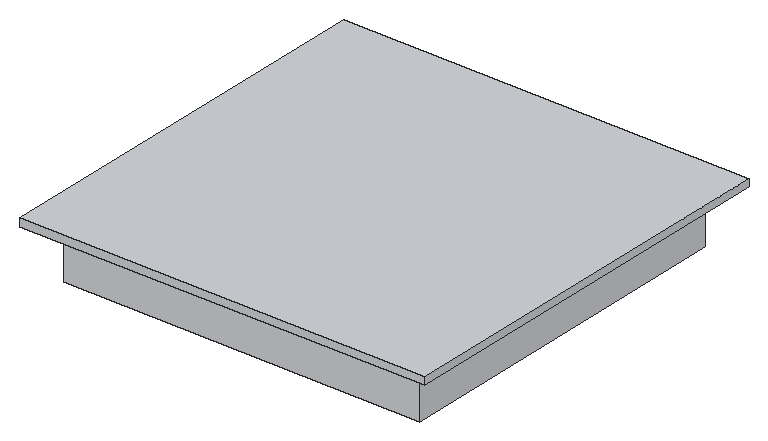
Revit family "6166a75bae654191b82ee60bff6dcd34", category Air Terminals, host Face, Revit 2021
Family settings
  Host = Face
  Round Connector Dimension = Use Diameter
  Part Type = Normal
  OmniClass Number = 23.75.70.21.27.11
  OmniClass Title = Diffusers, Registers, and Grilles
  Seek Item ID = Exhaust Grille - Rectangular Face Square Neck - Hosted-0000-USA-ENU
  Cut with Voids When Loaded = No
  Shared = No
  Room Calculation Point = No
Parameters (values of type "Standard")
  Pressure Drop [instance] = 0.006 in-wg
  Number [instance] = Length 2 / 0' 0 3/4"  # 15
  Length 2 [instance] = Grille Width - 2 * (0' 1 1/16")  # 0' - 11 1/2"
  Length 1 [instance] = Grille Length - 2 * 0' 1 1/16"  # 0' - 11 1/2"
  Grille Half Length [instance] = Grille Length / 2  # 0' - 6 13/16"
  Grille Width [instance] = Duct Width + 0' 1 5/8"  # 1' - 1 5/8"
  Grille Material = none
  Grille Length [instance] = Duct Height + 0' 1 5/8"  # 1' - 1 5/8"
  Grille Height = 0' - 2"
  Duct Width [instance] = 12"
  Duct Height [instance] = 12"
  Duct Half Height [instance] = Duct Height / 2  # 0' - 6"
  Default Elevation = 4' - 0"
  Assembly Code = ""
  Air Flow [instance] = 270 CFM
Reference planes (in)
  plane 1 "Center (Front/Back)": y = 0
  plane 2: z = 0
  plane 3 "Center (Left/Right)": x = 0
  plane 4: x = -6.8125
  plane 5: x = 6.8125
  plane 6: y = 6.8125
  plane 7: y = -6.8125
  plane 8 "1": z = 0.25
  plane 9: y = 6
  plane 10: y = -6
  plane 11: x = -6
  plane 12: x = 6
  plane 13: z = -1.75
  plane 14: x = -5.75
  plane 15: x = 5.75
  plane 16: y = 5.75
  plane 17: y = -5.75
  plane 18: y = 5
Forms (in)
  Extrusion 1, solid, material <- "Grille Material"
    sketch origin (0, 0, 0) x (1, 0, 0) y (0, 1, 0)
      loop
        line (-6.8125, 6.8125) -> (-6.8125, -6.8125) -> (6.8125, -6.8125) -> (6.8125, 6.8125) -> (-6.8125, 6.8125)
    from 0 to 0.25
  Extrusion 2, solid, material <- "Grille Material"
    sketch origin (0, 0, 0) x (1, 0, 0) y (0, 1, 0)
      loop
        line (-6, 6) -> (-6, -6) -> (6, -6) -> (6, 6) -> (-6, 6)
    from 0 to -1.75
Cuts and joins
  joined: Extrusion 1, Extrusion 2
Lines and regions (in)
  model lines
    curve 1: line (-5.75, 5.75, 0.25) -> (-5.75, -5.75, 0.25)
    curve 2: line (5.75, 5.75, 0.25) -> (5.75, -5.75, 0.25)
    curve 3: line (-5.75, -5.75, 0.25) -> (5.75, -5.75, 0.25)
Dimensions and locks (in)
  equal spacing: plane 6, plane 1 "Center (Front/Back)", plane 7
  "Grille Width": plane 6 to plane 7
  locked: plane 8 "1" to plane 2 at 0.25
  equal spacing: plane 9, plane 1 "Center (Front/Back)", plane 10
  "Duct Width": plane 9 to plane 10
  locked: plane 2 to plane 13 at 1.75
  locked: plane 4 to plane 14 at 1.0625
  locked: plane 15 to plane 5 at 1.0625
  locked: plane 6 to plane 16 at 1.0625
  locked: plane 17 to plane 7 at 1.0625
  "Duct Half Height": plane 11 to plane 3 "Center (Left/Right)"
  "Duct Half Height": plane 3 "Center (Left/Right)" to plane 12
  "Grille Half Length": plane 4 to plane 3 "Center (Left/Right)"
  "Grille Half Length": plane 3 "Center (Left/Right)" to plane 5
  locked: plane 16 to plane 18 at 0.75
  equal spacing: group 1, group 2, group 3, group 4, group 5, group 6, group 7, group 8, group 9, group 10, group 11, group 12, group 13, group 14, group 15  (x2)
  equal spacing: group 15, group 14, group 13, group 12, group 11, group 10, group 9, group 8, group 7, group 6, group 5, group 4, group 3, group 2, group 1
  aligned and locked: plane 2 to host face
  aligned and locked: level to host face
  aligned and locked: plane 4 to Extrusion 1 sketch curve
  aligned and locked: Extrusion 1 sketch curve to plane 6
  aligned and locked: plane 7 to Extrusion 1 sketch curve
  aligned and locked: Extrusion 1 sketch curve to plane 5
  aligned and locked: plane 8 "1" to Extrusion 1
  aligned and locked: Extrusion 1 to plane 2
  aligned and locked: plane 11 to Extrusion 2 sketch curve
  aligned and locked: Extrusion 2 sketch curve to plane 9
  aligned and locked: plane 10 to Extrusion 2 sketch curve
  aligned and locked: Extrusion 2 sketch curve to plane 12
  aligned and locked: Extrusion 2 to plane 13
  aligned and locked: plane 2 to Extrusion 2
  aligned and locked: plane 17 to curve 2
  aligned and locked: curve 2 to plane 15
  aligned and locked: plane 16 to curve 2
  aligned and locked: curve 1 to curve 3
  aligned and locked: curve 2 to curve 3
  aligned and locked: curve 3 to plane 17
  aligned and locked: plane 14 to nested 1
  aligned and locked: nested 1 to plane 16
  aligned and locked: plane 14 to nested 2
  aligned and locked: plane 15 to nested 2
  aligned and locked: nested 2 to plane 18
Automatic sketch dimensions
  curve 1 to plane 16 = 0' - 0"
  curve 3 to plane 14 = 0' - 0"
  host sketch curve to host sketch curve = 8' - 0"  (x2)
Nested families (in)
  nested 1: "Rectangular Face Square Neck Exhaust Grille - Hosted-Grille" at (-5.75, 5.75, 0.25), type "Rectangular Face Square Neck Exhaust Grille - Hosted-Grille"
  nested 2: "Rectangular Face Square Neck Exhaust Grille - Hosted-Grille" at (-5.75, 5, 0.25), type "Rectangular Face Square Neck Exhaust Grille - Hosted-Grille"
  nested 3: "Rectangular Face Square Neck Exhaust Grille - Hosted-Grille" at (-5.75, 4.25, 0.25), type "Rectangular Face Square Neck Exhaust Grille - Hosted-Grille"
  nested 4: "Rectangular Face Square Neck Exhaust Grille - Hosted-Grille" at (-5.75, 3.5, 0.25), type "Rectangular Face Square Neck Exhaust Grille - Hosted-Grille"
  nested 5: "Rectangular Face Square Neck Exhaust Grille - Hosted-Grille" at (-5.75, 2.75, 0.25), type "Rectangular Face Square Neck Exhaust Grille - Hosted-Grille"
  nested 6: "Rectangular Face Square Neck Exhaust Grille - Hosted-Grille" at (-5.75, 2, 0.25), type "Rectangular Face Square Neck Exhaust Grille - Hosted-Grille"
  nested 7: "Rectangular Face Square Neck Exhaust Grille - Hosted-Grille" at (-5.75, 1.25, 0.25), type "Rectangular Face Square Neck Exhaust Grille - Hosted-Grille"
  nested 8: "Rectangular Face Square Neck Exhaust Grille - Hosted-Grille" at (-5.75, 0.5, 0.25), type "Rectangular Face Square Neck Exhaust Grille - Hosted-Grille"
  nested 9: "Rectangular Face Square Neck Exhaust Grille - Hosted-Grille" at (-5.75, -0.25, 0.25), type "Rectangular Face Square Neck Exhaust Grille - Hosted-Grille"
  nested 10: "Rectangular Face Square Neck Exhaust Grille - Hosted-Grille" at (-5.75, -1, 0.25), type "Rectangular Face Square Neck Exhaust Grille - Hosted-Grille"
  nested 11: "Rectangular Face Square Neck Exhaust Grille - Hosted-Grille" at (-5.75, -1.75, 0.25), type "Rectangular Face Square Neck Exhaust Grille - Hosted-Grille"
  nested 12: "Rectangular Face Square Neck Exhaust Grille - Hosted-Grille" at (-5.75, -2.5, 0.25), type "Rectangular Face Square Neck Exhaust Grille - Hosted-Grille"
  nested 13: "Rectangular Face Square Neck Exhaust Grille - Hosted-Grille" at (-5.75, -3.25, 0.25), type "Rectangular Face Square Neck Exhaust Grille - Hosted-Grille"
  nested 14: "Rectangular Face Square Neck Exhaust Grille - Hosted-Grille" at (-5.75, -4, 0.25), type "Rectangular Face Square Neck Exhaust Grille - Hosted-Grille"
  nested 15: "Rectangular Face Square Neck Exhaust Grille - Hosted-Grille" at (-5.75, -4.75, 0.25), type "Rectangular Face Square Neck Exhaust Grille - Hosted-Grille"
Connectors (in)
  hvac at (0, 0, -1.75), driven by "Pressure Drop", driven by "Air Flow", driven by "Duct Width", driven by "Duct Height"
    settings: on Extrusion 2, index 1, duct flow 270 CFM, flow factor 0, pres drop 0.006 in-wg, loss coef 0, conn angle 0.00°, conn width 12", conn height 12", conn diameter 24", duct sys type 3, conn prof type 1, flow config 1, flow direction 2, loss method 4, conn ref index -1, conn util no, is conn primary yes, conn desc ""
Definition of nested family "Rectangular Face Square Neck Exhaust Grille - Hosted-Grille"
  Parameters
    Length = 2' - 10"
    Default Elevation = 0' - 0"
  Reference planes (in)
    plane 1 "Center (Front/Back)": y = 0
    plane 2: z = 0
    plane 3 "Center (Left/Right)": x = 0
    plane 4: x = 34
  Lines and regions (in)
    model lines
      curve 1: line (0, 0, 0) -> (34, 0, 0)
  Dimensions and locks (in)
    "Length": plane 4 to plane 3 "Center (Left/Right)"
    aligned and locked: plane 3 "Center (Left/Right)" to curve 1
    aligned and locked: plane 4 to curve 1
    aligned and locked: plane 1 "Center (Front/Back)" to curve 1
